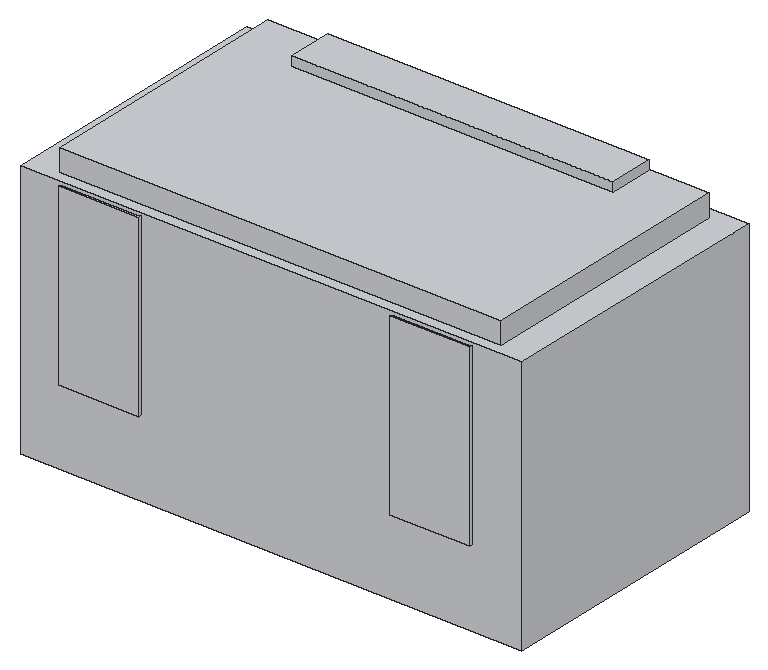
Revit family "GIS_Transformer_Tank", category Equipamento elétrico, Revit 2027
Family settings
  Configuração do painel = Duas colunas, circuitos transversais
  Cota do conector redondo = Utilizar diâmetro
  Tipo de parte = Painel de controle
  Com base no plano de trabalho = Não
  Sempre na vertical = Sim
  Corte com vazios quando carregada = Não
  Manter orientação da anotação = Não
  Compartilhado = Não
  Ponto de cálculo do ambiente = Não
Parameters (values of type "TR_40MVA_STUDY")
  Default Elevation = 0 mm
  built-in parameter 1140142 [instance] = (empty or 0)
  built-in parameter 1140140 [instance] = 1 (stored number, unit not read)
  BIM_TensaoSecundaria_kV = 13.8
  BIM_TensaoNominal_kV = 138
  BIM_TensaoClasse_kV = 145
  BIM_TensaoClasseSecundaria_kV = 17.5
  BIM_Sistema_Elemento [instance] = ""
  BIM_ReferenciaCatalogo = "WEG 138/13.8 kV product family; 40/50 MVA is a customary rating, outline estimated"
  BIM_Profundidade = 3500 mm
  BIM_Potencia_MVA = 40
  BIM_Localizacao [instance] = ""
  BIM_Largura = 6200 mm
  BIM_Impedancia_pu = 0.1
  BIM_FonteGeometria = "WEG 138/13.8 kV product family; 40/50 MVA is a customary rating, outline estimated"
  BIM_Fabricante = "NAO SELECIONADO"
  BIM_EstadoGeometria = "ESTIMATED"
  BIM_EstadoEspecificacao = "PREMISSA / NAO SELECIONADO"
  BIM_DescricaoEstudo = "Transformador trifasico 40 MVA 138/13.8 kV, tanque conceitual; Z=10% provisoria, dados de placa pendentes."
  BIM_CorrenteReferenciaSecundaria_A = 1673.479
  BIM_CorrenteNominal_A = 167.3479
  BIM_Bay [instance] = ""
  BIM_AlturaCorpoPrincipal = 3192 mm
  BIM_Altura = 3800 mm
  built-in parameter 1155100 [instance] = (empty or 0)
Reference planes
  plane 1 "Centro (Frente/Trás)": y = 0
  plane 2: z = 0
  plane 3 "Centro (Esquerda/Direita)": x = 0
  plane 4 "BIM Left": x = -3100
  plane 5 "BIM Right": x = 3100
  plane 6 "BIM Front": y = -1750
  plane 7 "BIM Back": y = 1750
Forms (mm)
  Extrusion 1, solid
    sketch origin (0, 0, 0) x (1, 0, 0) y (0, 1, 0)
      loop
        line (-3100, -1750) -> (3100, -1750) -> (3100, 1750) -> (-3100, 1750) -> (-3100, -1750)
    from 0 to 3192 <- "BIM_AlturaCorpoPrincipal"
  Extrusion 2, solid
    sketch origin (0, 0, 3154) x (1, 0, 0) y (0, 1, 0)
      loop
        line (-2728, -1610) -> (2728, -1610) -> (2728, 1610) -> (-2728, 1610) -> (-2728, -1610)
    from 0 to 304
  Extrusion 3, solid
    sketch origin (0, 0, 950) x (1, 0, 0) y (0, 1, 0)
      loop
        line (-2604, -1780.48) -> (-1612, -1780.48) -> (-1612, -1750) -> (-2604, -1750) -> (-2604, -1780.48)
    from 0 to 2204
  Extrusion 4, solid
    sketch origin (0, 0, 950) x (1, 0, 0) y (0, 1, 0)
      loop
        line (1488, -1780.48) -> (2480, -1780.48) -> (2480, -1750) -> (1488, -1750) -> (1488, -1780.48)
    from 0 to 2204
  Extrusion 5, solid
    sketch origin (0, 0, 3306) x (1, 0, 0) y (0, 1, 0)
      loop
        line (-1984, 1050) -> (1984, 1050) -> (1984, 1610) -> (-1984, 1610) -> (-1984, 1050)
    from 0 to 266
Dimensions and locks
  "BIM_Largura": plane 4 "BIM Left" to plane 5 "BIM Right"
  "BIM_Profundidade": plane 6 "BIM Front" to plane 7 "BIM Back"
  aligned and locked: level to plane 2
  aligned and locked: plane 4 "BIM Left" to Extrusion 1
  aligned and locked: Extrusion 1 to plane 5 "BIM Right"
  aligned and locked: Extrusion 1 to plane 6 "BIM Front"
  aligned and locked: plane 7 "BIM Back" to Extrusion 1
Automatic sketch dimensions
  Extrusion 1 sketch curve to plane 4 "BIM Left" = 0 mm
  Extrusion 1 sketch curve to plane 5 "BIM Right" = 0 mm
  Extrusion 1 sketch curve to plane 6 "BIM Front" = 0 mm
  Extrusion 1 sketch curve to plane 7 "BIM Back" = 0 mm
  plane 6 "BIM Front" to Extrusion 2 sketch curve = 140 mm
  Extrusion 2 sketch curve to plane 4 "BIM Left" = 372 mm
  Extrusion 2 sketch curve to plane 7 "BIM Back" = 140 mm
  plane 5 "BIM Right" to Extrusion 2 sketch curve = 372 mm
  Extrusion 3 sketch curve to plane 6 "BIM Front" = 0 mm
  Extrusion 3 sketch curve to plane 6 "BIM Front" = 30.48 mm
  Extrusion 3 sketch curve to plane 4 "BIM Left" = 496 mm
  Extrusion 3 sketch curve to Extrusion 3 sketch curve = 992 mm
  Extrusion 4 sketch curve to plane 6 "BIM Front" = 0 mm
  Extrusion 4 sketch curve to plane 6 "BIM Front" = 30.48 mm
  plane 3 "Centro (Esquerda/Direita)" to Extrusion 4 sketch curve = 1488 mm
  plane 5 "BIM Right" to Extrusion 4 sketch curve = 620 mm
  Extrusion 5 sketch curve to plane 4 "BIM Left" = 1116 mm
  Extrusion 5 sketch curve to plane 7 "BIM Back" = 140 mm
  plane 5 "BIM Right" to Extrusion 5 sketch curve = 1116 mm
  Extrusion 5 sketch curve to Extrusion 5 sketch curve = 560 mm
Connectors
  electrical at (-3100, 0, 1596)
    settings: on Extrusion 1, index 1, voltage 138000 V, apparent load 0 VA, apparent load phase1 0 VA, apparent load phase2 0 VA, apparent load phase3 0 VA, power factor 1, load classification "Outro", number of poles 3, system type 6, power factor state 1, is connector primary yes, connector utility no, sub classification motor no, connector description "Interface A; study port; circuit assignment is project-specific."
  electrical at (3100, 0, 1596)
    settings: on Extrusion 1, index 2, voltage 13800 V, apparent load 0 VA, apparent load phase1 0 VA, apparent load phase2 0 VA, apparent load phase3 0 VA, power factor 1, load classification "Outro", number of poles 3, system type 6, power factor state 1, is connector primary no, connector utility no, sub classification motor no, connector description "Interface B; study port; circuit assignment is project-specific."
